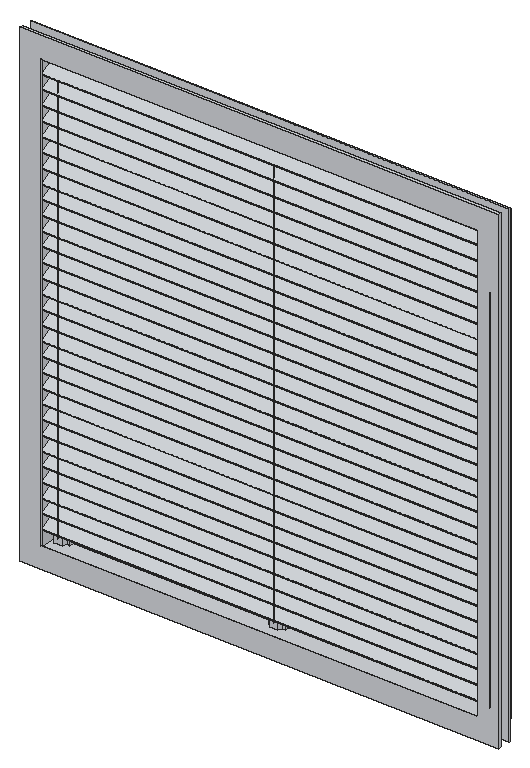
Revit family "EL-1-GL", category Mechanical Equipment, Revit 2015
Parameters
  URL = "https://unitedenertech.com/catalog/pdf/A_45%20EL-1-GL.pdf"
  Type Comments = "Max. Single Section Size is (120\"w x 84\"h)"
  Model = "EL-1-GL (30 Degree Blades)"
  Manufacturer = "United Enertech Corporation"
  Keynote = "Note: Blade Braces Set to Visibility Parameters, Correct Number Will Appear when Loaded into Project."
  Exact Width = 2' - 0"
  Exact Height = 2' - 0"
  Description = "PTAC Grille with Glazing Frame (.75\" Deep Glazing Shown, Consult Factory for Other Depth Model Options)"
  Brace Visibility [instance] = if(and(Exact Width > 1' 4", Exact Width < 2' 8"), 2 > 1, 1 > 2)  # yes
  Brace Number [instance] = (Exact Width / 1' 4")  # 2
  Brace Height [instance] = Exact Height - 0' 0 1/8"  # 1' - 11 7/8"
  Blade Spacing = 0' - 0 3/4"
  Blade Number [instance] = rounddown((Exact Height - 0' 0 5/16") / 0' 0 3/4")  # 31
  BW [instance] = Exact Width - 0' 0 1/8"  # 1' - 11 7/8"
  (7) Brace Visibility [instance] = if(Exact Width > 9' 4", 2 > 1, 1 > 2)  # no
  (6) Brace Visibility [instance] = if(and(Exact Width > 8' 0", Exact Width < 9' 4"), 2 > 1, 1 > 2)  # no
  (5) Brace Visibility [instance] = if(and(Exact Width > 6' 8", Exact Width < 8' 0"), 2 > 1, 1 > 2)  # no
  (4) Brace Visibility [instance] = if(and(Exact Width > 5' 4", Exact Width < 6' 8"), 2 > 1, 1 > 2)  # no
  (3) Brace Visibility [instance] = if(and(Exact Width > 4' 0", Exact Width < 5' 4"), 2 > 1, 1 > 2)  # no
  (2) Brace Visibility [instance] = if(and(Exact Width > 2' 8", Exact Width < 4' 0"), 2 > 1, 1 > 2)  # no
Reference planes (in)
  plane 1 "Center (Front/Back)": y = 0
  plane 2: z = 0
  plane 3 "Center (Left/Right)": x = 0
  plane 4: x = -12
  plane 5: x = 12
  plane 6: z = 24
  plane 7: x = -11.56125
  plane 8: y = -0.453
  plane 9: y = -0.237
  plane 10: z = 23.75
  plane 11: z = 12
  plane 12: z = 0.06291
  plane 13: z = 23.93709
  plane 14: x = -11.93709
  plane 15: x = 11.93709
Forms (in)
  Extrusion 1, solid
    sketch origin (-19.79782, 2.05132, 0) x (-1, 0, 0) y (0, -1, 0)
      loop
        line (-8.65373, 2.21832) -> (-8.50198, 2.05132) -> (-8.09698, 2.05132) -> (-7.94523, 2.21832) -> (-8.06023, 2.21832) -> (-8.06023, 2.1602) -> (-8.11911, 2.10132) -> (-8.47986, 2.10132) -> (-8.53873, 2.1602) -> (-8.53873, 2.21832) -> (-8.65373, 2.21832)
    from 0.06291 to 23.93709
  Extrusion 2, solid
    sketch origin (19.77507, 2.48299, 0) x (1, 0, 0) y (0, 1, 0)
      loop
        line (-8.71549, -2.49199) -> (-8.71549, -2.71999) -> (-8.53299, -2.71999) -> (-8.49774, -2.93599) -> (-8.05574, -2.93599) -> (-8.02049, -2.71999) -> (-7.83799, -2.71999) -> (-7.83799, -2.49199) -> (-7.90799, -2.49199) -> (-7.97456, -2.57592) -> (-7.90994, -2.64999) -> (-8.07999, -2.64999) -> (-8.11524, -2.86599) -> (-8.43823, -2.86599) -> (-8.47348, -2.64999) -> (-8.64354, -2.64999) -> (-8.58124, -2.57299) -> (-8.64549, -2.49199) -> (-8.71549, -2.49199)
    from 0.06291 to 23.93709
  Extrusion 3, solid
    sketch origin (19.79782, 2.05132, 0) x (1, 0, 0) y (0, 1, 0)
      loop
        line (-8.65373, -2.21832) -> (-8.53873, -2.21832) -> (-8.53873, -2.1602) -> (-8.47986, -2.10132) -> (-8.11911, -2.10132) -> (-8.06023, -2.1602) -> (-8.06023, -2.21832) -> (-7.94523, -2.21832) -> (-8.09698, -2.05132) -> (-8.50198, -2.05132) -> (-8.65373, -2.21832)
    from 0.06291 to 23.93709
  Extrusion 4, solid
    sketch origin (-19.77507, 2.48299, 0) x (-1, 0, 0) y (0, -1, 0)
      loop
        line (-8.71549, 2.49199) -> (-8.64549, 2.49199) -> (-8.58124, 2.57299) -> (-8.64354, 2.64999) -> (-8.47348, 2.64999) -> (-8.43823, 2.86599) -> (-8.11524, 2.86599) -> (-8.07999, 2.64999) -> (-7.90994, 2.64999) -> (-7.97456, 2.57592) -> (-7.90799, 2.49199) -> (-7.83799, 2.49199) -> (-7.83799, 2.71999) -> (-8.02049, 2.71999) -> (-8.05574, 2.93599) -> (-8.49774, 2.93599) -> (-8.53299, 2.71999) -> (-8.71549, 2.71999) -> (-8.71549, 2.49199)
    from 0.06291 to 23.93709
  Sweep 5, solid
    path origin (0, 0, 0) x (1, 0, 0) y (0, 0, 1)
      loop
        line (-12, 24) -> (-12, 0) -> (12, 0) -> (12, 24) -> (-12, 24)
    profile origin (0, 0, 24) x (0, 0, 1) y (0, -1, 0)
      loop
        line (-0.6522, 0) -> (-0.6522, -0.06286) -> (0.18144, -0.06286) -> (0.18144, 0.12415) -> (0.13158, 0.12415) -> (0.13158, 0) -> (0, 0) -> (0, 0.68688) -> (0.74444, 0.68688) -> (0.74444, 0.74974) -> (0.0628, 0.74974) -> (0.0628, 1.18688) -> (0, 1.18688) -> (0, 1.37402) -> (0.13158, 1.37402) -> (0.13158, 1.07388) -> (0.18144, 1.07388) -> (0.18144, 1.24938) -> (0.36894, 1.24938) -> (0.36894, 1.31238) -> (0.18144, 1.31238) -> (0.18144, 1.37388) -> (0.68144, 1.37388) -> (0.68144, 1.31238) -> (0.49394, 1.31238) -> (0.49394, 1.24938) -> (0.74444, 1.24938) -> (0.74444, 1.43688) -> (-0.35704, 1.43688) -> (-0.35704, 1.37402) -> (-0.06291, 1.37402) -> (-0.06291, 0) -> (-0.6522, 0)
Dimensions and locks (in)
  equal spacing: plane 4, plane 3 "Center (Left/Right)", plane 5
  "Exact Width": plane 4 to plane 5
  "Exact Height": plane 6 to level
  locked: plane 4 to plane 7 at 0.43875
  locked: plane 6 to plane 10 at 0.25
  equal spacing: plane 6, plane 11, level
  locked: plane 12 to level at 0.06291
  locked: plane 6 to plane 13 at 0.06291
  equal spacing: group 1, group 2, group 3, group 4, group 5, group 6, group 7, group 8, group 9, group 10, group 11, group 12, group 13, group 14, group 15, group 16, group 17, group 18, group 19, group 20, group 21, group 22, group 23, group 24, group 25, group 26, group 27, group 28, group 29, group 30, group 31  (x2)
  equal spacing: group 31, group 30, group 29, group 28, group 27, group 26, group 25, group 24, group 23, group 22, group 21, group 20, group 19, group 18, group 17, group 16, group 15, group 14, group 13, group 12, group 11, group 10, group 9, group 8, group 7, group 6, group 5, group 4, group 3, group 2, group 1
  "Blade Spacing": nested 30 to nested 2
  locked: plane 4 to plane 14 at 0.06291
  locked: plane 15 to plane 5 at 0.06291
  aligned and locked: level to plane 2
  aligned and locked: plane 3 "Center (Left/Right)" to nested 1
  aligned and locked: nested 1 to plane 8
  aligned and locked: plane 3 "Center (Left/Right)" to nested 2
  aligned and locked: Sweep 5 sketch curve to plane 6
  aligned and locked: Sweep 5 sketch curve to plane 4
  aligned and locked: Sweep 5 sketch curve to plane 5
  aligned and locked: level to Sweep 5 sketch curve
  aligned and locked: nested 29 to plane 12
  aligned and locked: nested 21 to plane 12
  aligned and locked: nested 28 to plane 12
  aligned and locked: nested 15 to plane 12
  aligned and locked: nested 20 to plane 12
  aligned and locked: nested 11 to plane 12
  aligned and locked: Extrusion 2 to plane 12
  aligned and locked: Extrusion 3 to plane 12
  aligned and locked: nested 24 to plane 12
  aligned and locked: nested 14 to plane 12
  aligned and locked: nested 6 to plane 12
  aligned and locked: nested 18 to plane 12
  aligned and locked: nested 9 to plane 12
  aligned and locked: nested 3 to plane 12
  aligned and locked: nested 23 to plane 12
  aligned and locked: nested 12 to plane 12
  aligned and locked: nested 5 to plane 12
  aligned and locked: nested 1 to plane 12
  aligned and locked: nested 17 to plane 12
  aligned and locked: nested 8 to plane 12
  aligned and locked: nested 4 to plane 12
  aligned and locked: nested 25 to plane 12
  aligned and locked: nested 13 to plane 12
  aligned and locked: nested 7 to plane 12
  aligned and locked: Extrusion 4 to plane 12
  aligned and locked: Extrusion 1 to plane 12
  aligned and locked: nested 19 to plane 12
  aligned and locked: nested 10 to plane 12
  aligned and locked: nested 26 to plane 12
  aligned and locked: nested 16 to plane 12
  aligned and locked: nested 22 to plane 12
  aligned and locked: nested 27 to plane 12
  aligned and locked: plane 13 to Extrusion 4
  aligned and locked: plane 13 to Extrusion 2
  aligned and locked: plane 13 to Extrusion 1
  aligned and locked: plane 13 to Extrusion 3
  aligned and locked: plane 10 to nested 2
Automatic sketch dimensions
  plane 1 "Center (Front/Back)" to Extrusion 1 sketch curve = 0' - 0"
  plane 9 to Extrusion 1 sketch curve = 0' - 0.07"  (x2)
  Extrusion 1 sketch curve to plane 7 = 0' - 0.41716"
  Extrusion 1 sketch curve to Extrusion 1 sketch curve = 0' - 0.115"
  Extrusion 1 sketch curve to Extrusion 1 sketch curve = 0' - 0.03675"
  Extrusion 1 sketch curve to Extrusion 1 sketch curve = 0' - 0.02213"  (x2)
  plane 1 "Center (Front/Back)" to Extrusion 1 sketch curve = 0' - 0.05"
  plane 7 to Extrusion 1 sketch curve = 0' - 0.11746"
  Extrusion 1 sketch curve to Extrusion 1 sketch curve = 0' - 0.05888"  (x2)
  Extrusion 1 sketch curve to plane 4 = 0' - 0.14741"
  Extrusion 1 sketch curve to Extrusion 1 sketch curve = 0' - 0.05812"
  plane 9 to Extrusion 2 sketch curve = 0' - 0"  (x2)
  Extrusion 2 sketch curve to plane 8 = 0' - 0"
  plane 5 to Extrusion 2 sketch curve = 0' - 0.06291"
  Extrusion 2 sketch curve to plane 1 "Center (Front/Back)" = 0' - 0.009"  (x2)
  Extrusion 2 sketch curve to Extrusion 2 sketch curve = 0' - 0.07"
  plane 5 to Extrusion 2 sketch curve = 0' - 0.13486"
  Extrusion 2 sketch curve to Extrusion 2 sketch curve = 0' - 0.06462"
  Extrusion 2 sketch curve to Extrusion 2 sketch curve = 0' - 0.11055"
  plane 5 to Extrusion 2 sketch curve = 0' - 0.28066"
  Extrusion 2 sketch curve to Extrusion 2 sketch curve = 0' - 0.0595"  (x4)
  Extrusion 2 sketch curve to plane 8 = 0' - 0.07"
  Extrusion 2 sketch curve to Extrusion 2 sketch curve = 0' - 0.323"
  Extrusion 2 sketch curve to plane 9 = 0' - 0.07"  (x2)
  Extrusion 2 sketch curve to Extrusion 2 sketch curve = 0' - 0.03525"
  Extrusion 2 sketch curve to plane 1 "Center (Front/Back)" = 0' - 0.09"
  Extrusion 2 sketch curve to Extrusion 2 sketch curve = 0' - 0.10775"
  Extrusion 2 sketch curve to Extrusion 2 sketch curve = 0' - 0.0623"
  Extrusion 2 sketch curve to Extrusion 2 sketch curve = 0' - 0.06425"
  Extrusion 2 sketch curve to Extrusion 2 sketch curve = 0' - 0.07195"
  Extrusion 2 sketch curve to plane 1 "Center (Front/Back)" = 0' - 0.09293"
  plane 1 "Center (Front/Back)" to Extrusion 3 sketch curve = 0' - 0"
  Extrusion 3 sketch curve to plane 9 = 0' - 0.07"  (x2)
  plane 5 to Extrusion 3 sketch curve = 0' - 0.85591"
  Extrusion 3 sketch curve to Extrusion 3 sketch curve = 0' - 0.115"
  Extrusion 3 sketch curve to Extrusion 3 sketch curve = 0' - 0.03675"
  Extrusion 3 sketch curve to Extrusion 3 sketch curve = 0' - 0.02213"  (x2)
  Extrusion 3 sketch curve to plane 1 "Center (Front/Back)" = 0' - 0.05"
  plane 5 to Extrusion 3 sketch curve = 0' - 0.32129"
  Extrusion 3 sketch curve to Extrusion 3 sketch curve = 0' - 0.05888"  (x2)
  plane 5 to Extrusion 3 sketch curve = 0' - 0.14741"
  Extrusion 3 sketch curve to Extrusion 3 sketch curve = 0' - 0.05812"
  Extrusion 4 sketch curve to plane 9 = 0' - 0"  (x2)
  Extrusion 4 sketch curve to plane 8 = 0' - 0"
  Extrusion 4 sketch curve to plane 4 = 0' - 0.06291"
  plane 1 "Center (Front/Back)" to Extrusion 4 sketch curve = 0' - 0.009"  (x2)
  Extrusion 4 sketch curve to Extrusion 4 sketch curve = 0' - 0.07"
  Extrusion 4 sketch curve to plane 4 = 0' - 0.13486"
  Extrusion 4 sketch curve to Extrusion 4 sketch curve = 0' - 0.06462"
  Extrusion 4 sketch curve to Extrusion 4 sketch curve = 0' - 0.11055"
  Extrusion 4 sketch curve to plane 4 = 0' - 0.28066"
  Extrusion 4 sketch curve to Extrusion 4 sketch curve = 0' - 0.0595"  (x4)
  plane 8 to Extrusion 4 sketch curve = 0' - 0.07"
  Extrusion 4 sketch curve to plane 7 = 0' - 0.22441"
  plane 9 to Extrusion 4 sketch curve = 0' - 0.07"  (x2)
  Extrusion 4 sketch curve to plane 7 = 0' - 0.25966"
  plane 1 "Center (Front/Back)" to Extrusion 4 sketch curve = 0' - 0.09"
  Extrusion 4 sketch curve to Extrusion 4 sketch curve = 0' - 0.10775"
  Extrusion 4 sketch curve to Extrusion 4 sketch curve = 0' - 0.0623"
  Extrusion 4 sketch curve to Extrusion 4 sketch curve = 0' - 0.06425"
  Extrusion 4 sketch curve to Extrusion 4 sketch curve = 0' - 0.07195"
  plane 1 "Center (Front/Back)" to Extrusion 4 sketch curve = 0' - 0.09293"
  Sweep 5 sketch curve to plane 1 "Center (Front/Back)" = 0' - 0"  (x2)
  profile plane to Sweep 5 sketch curve = 0' - 0"  (x2)
  profile plane to Sweep 5 sketch curve = 0' - 0.06291"
  Sweep 5 sketch curve to Sweep 5 sketch curve = 0' - 0.29413"
  Sweep 5 sketch curve to Sweep 5 sketch curve = 0' - 0.58928"
  Sweep 5 sketch curve to profile plane = 0' - 0.0628"
  Sweep 5 sketch curve to profile plane = 0' - 0.13158"
  Sweep 5 sketch curve to Sweep 5 sketch curve = 0' - 0.13158"
  Sweep 5 sketch curve to Sweep 5 sketch curve = 0' - 0.04986"  (x2)
  Sweep 5 sketch curve to Sweep 5 sketch curve = 0' - 0"  (x2)
  Sweep 5 sketch curve to Sweep 5 sketch curve = 0' - 0 3/16"  (x2)
  Sweep 5 sketch curve to Sweep 5 sketch curve = 0' - 0 1/8"
  Sweep 5 sketch curve to Sweep 5 sketch curve = 0' - 0.2505"
  Sweep 5 sketch curve to Sweep 5 sketch curve = 0' - 0.063"  (x3)
  Sweep 5 sketch curve to plane 1 "Center (Front/Back)" = 0' - 0.06286"
  Sweep 5 sketch curve to Sweep 5 sketch curve = 0' - 0.12415"
  Sweep 5 sketch curve to Sweep 5 sketch curve = 0' - 0.56274"
  Sweep 5 sketch curve to Sweep 5 sketch curve = 0' - 0.06286"  (x2)
  Sweep 5 sketch curve to Sweep 5 sketch curve = 0' - 0.32414"
  Sweep 5 sketch curve to Sweep 5 sketch curve = 0' - 0.113"
  Sweep 5 sketch curve to Sweep 5 sketch curve = 0' - 0 1/16"
  Sweep 5 sketch curve to Sweep 5 sketch curve = 0' - 0.0615"
  Sweep 5 sketch curve to Sweep 5 sketch curve = 0' - 0.18714"
  Sweep 5 sketch curve to Sweep 5 sketch curve = 0' - 0.00014"
Nested families (in)
  nested 1: "EL BRACE" at (0, -0.453, 0.06291), visible <- "Brace Visibility", type "EL BRACE"
    with Height 1' - 11 7/8"
  nested 2: "EL 30 Deg" at (0, -2.01253, 17.5485), type "EL 30 Deg"
    with Blade 30 Width 1' - 11 7/8"
  nested 3: "EL BRACE" at (8, -0.453, 0.06291), visible <- "(2) Brace Visibility", type "EL BRACE"
    with Height 1' - 11 7/8"
  nested 4: "EL BRACE" at (-8, -0.453, 0.06291), visible <- "(2) Brace Visibility", type "EL BRACE"
    with Height 1' - 11 7/8"
  nested 5: "EL BRACE" at (0, -0.453, 0.06291), visible <- "(3) Brace Visibility", type "EL BRACE"
    with Height 1' - 11 7/8"
  nested 6: "EL BRACE" at (16, -0.453, 0.06291), visible <- "(3) Brace Visibility", type "EL BRACE"
    with Height 1' - 11 7/8"
  nested 7: "EL BRACE" at (-16, -0.453, 0.06291), visible <- "(3) Brace Visibility", type "EL BRACE"
    with Height 1' - 11 7/8"
  nested 8: "EL BRACE" at (-8, -0.453, 0.06291), visible <- "(4) Brace Visibility", type "EL BRACE"
    with Height 1' - 11 7/8"
  nested 9: "EL BRACE" at (8, -0.453, 0.06291), visible <- "(4) Brace Visibility", type "EL BRACE"
    with Height 1' - 11 7/8"
  nested 10: "EL BRACE" at (-24, -0.453, 0.06291), visible <- "(4) Brace Visibility", type "EL BRACE"
    with Height 1' - 11 7/8"
  nested 11: "EL BRACE" at (24, -0.453, 0.06291), visible <- "(4) Brace Visibility", type "EL BRACE"
    with Height 1' - 11 7/8"
  nested 12: "EL BRACE" at (0, -0.453, 0.06291), visible <- "(5) Brace Visibility", type "EL BRACE"
    with Height 1' - 11 7/8"
  nested 13: "EL BRACE" at (-16, -0.453, 0.06291), visible <- "(5) Brace Visibility", type "EL BRACE"
    with Height 1' - 11 7/8"
  nested 14: "EL BRACE" at (16, -0.453, 0.06291), visible <- "(5) Brace Visibility", type "EL BRACE"
    with Height 1' - 11 7/8"
  nested 15: "EL BRACE" at (32, -0.453, 0.06291), visible <- "(5) Brace Visibility", type "EL BRACE"
    with Height 1' - 11 7/8"
  nested 16: "EL BRACE" at (-32, -0.453, 0.06291), visible <- "(5) Brace Visibility", type "EL BRACE"
    with Height 1' - 11 7/8"
  nested 17: "EL BRACE" at (-8, -0.453, 0.06291), visible <- "(6) Brace Visibility", type "EL BRACE"
    with Height 1' - 11 7/8"
  nested 18: "EL BRACE" at (8, -0.453, 0.06291), visible <- "(6) Brace Visibility", type "EL BRACE"
    with Height 1' - 11 7/8"
  nested 19: "EL BRACE" at (-24, -0.453, 0.06291), visible <- "(6) Brace Visibility", type "EL BRACE"
    with Height 1' - 11 7/8"
  nested 20: "EL BRACE" at (24, -0.453, 0.06291), visible <- "(6) Brace Visibility", type "EL BRACE"
    with Height 1' - 11 7/8"
  nested 21: "EL BRACE" at (40, -0.453, 0.06291), visible <- "(6) Brace Visibility", type "EL BRACE"
    with Height 1' - 11 7/8"
  nested 22: "EL BRACE" at (-40, -0.453, 0.06291), visible <- "(6) Brace Visibility", type "EL BRACE"
    with Height 1' - 11 7/8"
  nested 23: "EL BRACE" at (0, -0.453, 0.06291), visible <- "(7) Brace Visibility", type "EL BRACE"
    with Height 1' - 11 7/8"
  nested 24: "EL BRACE" at (16, -0.453, 0.06291), visible <- "(7) Brace Visibility", type "EL BRACE"
    with Height 1' - 11 7/8"
  nested 25: "EL BRACE" at (-16, -0.453, 0.06291), visible <- "(7) Brace Visibility", type "EL BRACE"
    with Height 1' - 11 7/8"
  nested 26: "EL BRACE" at (-32, -0.453, 0.06291), visible <- "(7) Brace Visibility", type "EL BRACE"
    with Height 1' - 11 7/8"
  nested 27: "EL BRACE" at (-48, -0.453, 0.06291), visible <- "(7) Brace Visibility", type "EL BRACE"
    with Height 1' - 11 7/8"
  nested 28: "EL BRACE" at (32, -0.453, 0.06291), visible <- "(7) Brace Visibility", type "EL BRACE"
    with Height 1' - 11 7/8"
  nested 29: "EL BRACE" at (48, -0.453, 0.06291), visible <- "(7) Brace Visibility", type "EL BRACE"
    with Height 1' - 11 7/8"
  nested 30: "EL 30 Deg" at (0, -2.01253, 16.7985), type "EL 30 Deg"
    with Blade 30 Width 1' - 11 7/8"
  nested 31: "EL 30 Deg" at (0, -2.01253, 16.0485), type "EL 30 Deg"
    with Blade 30 Width 1' - 11 7/8"
  nested 32: "EL 30 Deg" at (0, -2.01253, 15.2985), type "EL 30 Deg"
    with Blade 30 Width 1' - 11 7/8"
  nested 33: "EL 30 Deg" at (0, -2.01253, 14.5485), type "EL 30 Deg"
    with Blade 30 Width 1' - 11 7/8"
  nested 34: "EL 30 Deg" at (0, -2.01253, 13.7985), type "EL 30 Deg"
    with Blade 30 Width 1' - 11 7/8"
  nested 35: "EL 30 Deg" at (0, -2.01253, 13.0485), type "EL 30 Deg"
    with Blade 30 Width 1' - 11 7/8"
  nested 36: "EL 30 Deg" at (0, -2.01253, 12.2985), type "EL 30 Deg"
    with Blade 30 Width 1' - 11 7/8"
  nested 37: "EL 30 Deg" at (0, -2.01253, 11.5485), type "EL 30 Deg"
    with Blade 30 Width 1' - 11 7/8"
  nested 38: "EL 30 Deg" at (0, -2.01253, 10.7985), type "EL 30 Deg"
    with Blade 30 Width 1' - 11 7/8"
  nested 39: "EL 30 Deg" at (0, -2.01253, 10.0485), type "EL 30 Deg"
    with Blade 30 Width 1' - 11 7/8"
  nested 40: "EL 30 Deg" at (0, -2.01253, 9.2985), type "EL 30 Deg"
    with Blade 30 Width 1' - 11 7/8"
  nested 41: "EL 30 Deg" at (0, -2.01253, 8.5485), type "EL 30 Deg"
    with Blade 30 Width 1' - 11 7/8"
  nested 42: "EL 30 Deg" at (0, -2.01253, 7.7985), type "EL 30 Deg"
    with Blade 30 Width 1' - 11 7/8"
  nested 43: "EL 30 Deg" at (0, -2.01253, 7.0485), type "EL 30 Deg"
    with Blade 30 Width 1' - 11 7/8"
  nested 44: "EL 30 Deg" at (0, -2.01253, 6.2985), type "EL 30 Deg"
    with Blade 30 Width 1' - 11 7/8"
  nested 45: "EL 30 Deg" at (0, -2.01253, 5.5485), type "EL 30 Deg"
    with Blade 30 Width 1' - 11 7/8"
  nested 46: "EL 30 Deg" at (0, -2.01253, 4.7985), type "EL 30 Deg"
    with Blade 30 Width 1' - 11 7/8"
  nested 47: "EL 30 Deg" at (0, -2.01253, 4.0485), type "EL 30 Deg"
    with Blade 30 Width 1' - 11 7/8"
  nested 48: "EL 30 Deg" at (0, -2.01253, 3.2985), type "EL 30 Deg"
    with Blade 30 Width 1' - 11 7/8"
  nested 49: "EL 30 Deg" at (0, -2.01253, 2.5485), type "EL 30 Deg"
    with Blade 30 Width 1' - 11 7/8"
  nested 50: "EL 30 Deg" at (0, -2.01253, 1.7985), type "EL 30 Deg"
    with Blade 30 Width 1' - 11 7/8"
  nested 51: "EL 30 Deg" at (0, -2.01253, 1.0485), type "EL 30 Deg"
    with Blade 30 Width 1' - 11 7/8"
  nested 52: "EL 30 Deg" at (0, -2.01253, 0.2985), type "EL 30 Deg"
    with Blade 30 Width 1' - 11 7/8"
  nested 53: "EL 30 Deg" at (0, -2.01253, -0.4515), type "EL 30 Deg"
    with Blade 30 Width 1' - 11 7/8"
  nested 54: "EL 30 Deg" at (0, -2.01253, -1.2015), type "EL 30 Deg"
    with Blade 30 Width 1' - 11 7/8"
  nested 55: "EL 30 Deg" at (0, -2.01253, -1.9515), type "EL 30 Deg"
    with Blade 30 Width 1' - 11 7/8"
  nested 56: "EL 30 Deg" at (0, -2.01253, -2.7015), type "EL 30 Deg"
    with Blade 30 Width 1' - 11 7/8"
  nested 57: "EL 30 Deg" at (0, -2.01253, -3.4515), type "EL 30 Deg"
    with Blade 30 Width 1' - 11 7/8"
  nested 58: "EL 30 Deg" at (0, -2.01253, -4.2015), type "EL 30 Deg"
    with Blade 30 Width 1' - 11 7/8"
  nested 59: "EL 30 Deg" at (0, -2.01253, -4.9515), type "EL 30 Deg"
    with Blade 30 Width 1' - 11 7/8"
Definition of nested family "EL BRACE"
  Parameters (values of type "EL BRACE")
    Height = 1' - 5.56492"
  Reference planes (in)
    plane 1 "Center (Front/Back)": y = 0
    plane 2: z = 0
    plane 3 "Center (Left/Right)": x = 0
    plane 4: z = 17.56492
  Forms (in)
    Extrusion 1, solid
      sketch origin (6.72326, 2.93599, 0) x (-1, 0, 0) y (0, -1, 0)
        loop
          line (6.28451, 2.49199) -> (6.35451, 2.49199) -> (6.41876, 2.57299) -> (6.35646, 2.64999) -> (6.52652, 2.64999) -> (6.56177, 2.86599) -> (6.88476, 2.86599) -> (6.92001, 2.64999) -> (7.09006, 2.64999) -> (7.02544, 2.57592) -> (7.09201, 2.49199) -> (7.16201, 2.49199) -> (7.16201, 2.71999) -> (6.97951, 2.71999) -> (6.94426, 2.93599) -> (6.50226, 2.93599) -> (6.46701, 2.71999) -> (6.28451, 2.71999) -> (6.28451, 2.49199)
      from 0 to 17.56492
  Dimensions and locks (in)
    "Height": plane 4 to level
    aligned and locked: level to plane 2
    aligned and locked: plane 4 to Extrusion 1
  Automatic sketch dimensions
    plane 1 "Center (Front/Back)" to Extrusion 1 sketch curve = 0' - 0"
    Extrusion 1 sketch curve to plane 1 "Center (Front/Back)" = 0' - 0.216"
    plane 3 "Center (Left/Right)" to Extrusion 1 sketch curve = 0' - 0.43875"
    Extrusion 1 sketch curve to Extrusion 1 sketch curve = 0' - 0.07"  (x4)
    Extrusion 1 sketch curve to Extrusion 1 sketch curve = 0' - 0.07195"
    Extrusion 1 sketch curve to Extrusion 1 sketch curve = 0' - 0.0623"
    Extrusion 1 sketch curve to Extrusion 1 sketch curve = 0' - 0.11055"
    Extrusion 1 sketch curve to Extrusion 1 sketch curve = 0' - 0.03525"
    Extrusion 1 sketch curve to Extrusion 1 sketch curve = 0' - 0.0595"  (x4)
    Extrusion 1 sketch curve to plane 1 "Center (Front/Back)" = 0' - 0.07"
    Extrusion 1 sketch curve to plane 3 "Center (Left/Right)" = 0' - 0.1615"
    Extrusion 1 sketch curve to plane 3 "Center (Left/Right)" = 0' - 0.19675"
    Extrusion 1 sketch curve to Extrusion 1 sketch curve = 0' - 0.10543"
    Extrusion 1 sketch curve to Extrusion 1 sketch curve = 0' - 0.06462"
    Extrusion 1 sketch curve to Extrusion 1 sketch curve = 0' - 0.06657"
    Extrusion 1 sketch curve to plane 1 "Center (Front/Back)" = 0' - 0.286"
    Extrusion 1 sketch curve to Extrusion 1 sketch curve = 0' - 0.07407"
    Extrusion 1 sketch curve to Extrusion 1 sketch curve = 0' - 0.077"
    Extrusion 1 sketch curve to Extrusion 1 sketch curve = 0' - 0.08393"
    Extrusion 1 sketch curve to Extrusion 1 sketch curve = 0' - 0.081"
Definition of nested family "EL 30 Deg"
  Parameters (values of type "EL 30 Deg")
    Blade 30 Width = 3' - 0"
  Reference planes (in)
    plane 1 "Center (Front/Back)": y = 0
    plane 2: z = 0
    plane 3 "Center (Left/Right)": x = 0
    plane 4: x = -18
    plane 5: x = 18
  Forms (in)
    Extrusion 1, solid
      sketch origin (0.80302, -5.449, 4.64597) x (0, 1, 0) y (0, 0, 1)
        loop
          line (6.38152, 1.21315) -> (6.41652, 1.15253) -> (6.99328, 1.48552) -> (7.22452, 1.48552) -> (7.22452, 1.55552) -> (6.97452, 1.55552) -> (6.38152, 1.21315)
      from -18.80302 to 17.19698
  Dimensions and locks (in)
    equal spacing: plane 4, plane 3 "Center (Left/Right)", plane 5
    "Blade 30 Width": plane 4 to plane 5
    aligned and locked: level to plane 2
    aligned and locked: plane 5 to Extrusion 1
    aligned and locked: plane 4 to Extrusion 1
  Automatic sketch dimensions
    Extrusion 1 sketch curve to plane 1 "Center (Front/Back)" = 0' - 0.93253"
    Extrusion 1 sketch curve to Extrusion 1 sketch curve = 0' - 0.035"
    Extrusion 1 sketch curve to Extrusion 1 sketch curve = 0' - 0.593"
    Extrusion 1 sketch curve to Extrusion 1 sketch curve = 0' - 0.01876"
    Extrusion 1 sketch curve to Extrusion 1 sketch curve = 0' - 0.23124"
    level to Extrusion 1 sketch curve = 0' - 5.7985"
    Extrusion 1 sketch curve to Extrusion 1 sketch curve = 0' - 0.06062"
